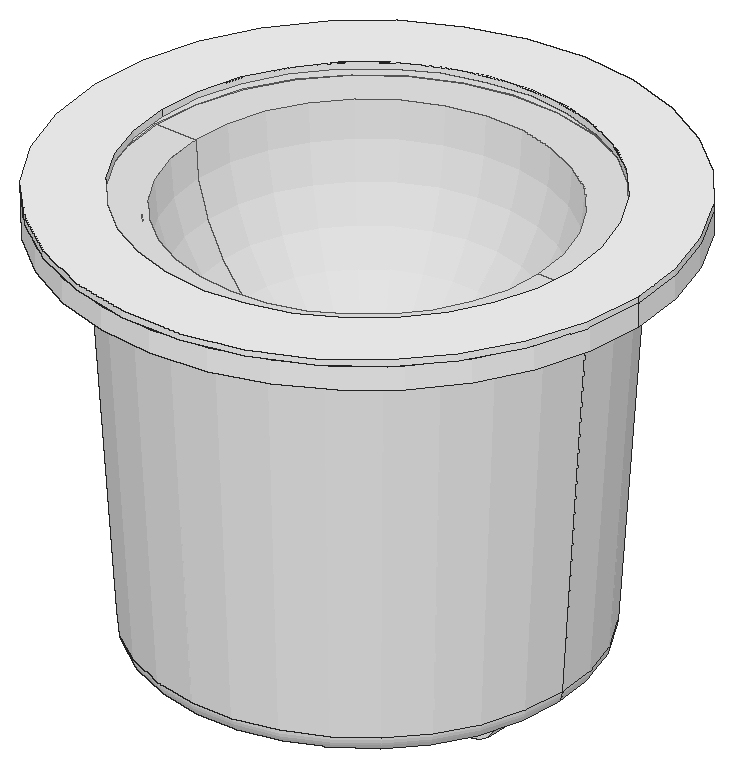
Revit family "2059246", category Lighting Fixtures, host Face, Revit 2018
Family settings
  Host = Face
  Round Connector Dimension = Use Diameter
  Part Type = Normal
  OmniClass Number = 23.80.70.11.17
  OmniClass Title = Specialized Lighting by Location or Use
  Cut with Voids When Loaded = No
  Light Source = Yes
  Shared = No
  Room Calculation Point = No
Parameters (values of type "2059246 MYRIAD DECO IP65 SP 4K DALI SI WBEZ")
  Weight = "n/a"
  Wattage = 15 W
  WarrantyStartDate [instance] = "n/a"
  WarrantyGuarantorParts = "n/a"
  WarrantyDurationUnit = "n/a"
  WarrantyDurationParts = ""
  WarrantyDescription = "http://www.sylvania-lighting.com"
  built-in parameter 1150110 = 1 (stored number, unit not read)
  Voltage = 230 V
  URL = "0"
  TypeName = "MYRIAD DECO IP65 SPOT 4000K DALI SILVER WBEZ"
  Type Image = 0
  Type Comments = ""
  built-in parameter 1114217 = 1 (stored number, unit not read)
  Tilt Angle = -90°
  built-in parameter 1150109 = 1 (stored number, unit not read)
  built-in parameter 1150134 = (empty or 0)
  built-in parameter 1150113 = 1 (stored number, unit not read)
  SerialNumber [instance] = "n/a"
  Reflector Radius = Cutout Diameter / 2 - 2.5 mm  # 35.0 mm
  Reflector Material = Aluminum_Sylvania_Myriad_Bright
  Recessed Depth = Height  # 72.0 mm
  PowerFactor = 0
  PowerConsumption = "Lighting"
  Photometric Web File = "2059246.ies"
  NominalWidth = 0.0 mm
  NominalLength = 76.0 mm
  NominalHeight = 72.0 mm
  Name = "MYRIAD DECO IP65 SPOT 4000K DALI SILVER WBEZ"
  ModelReference = "MYRIAD DECO IP65 SPOT 4000K DALI SILVER WBEZ"
  ModelNumber = "2059246"
  Material = "Feilo Sylvania"
  ManufacturerName = "113 lm/W"
  LuminousEfficacy = ""
  LuminaireType = "0"
  LightOutputRatio = "LED"
  LampsType = Lamp  # "n/a"
  LampNominalLuminous = "4000 K"
  LampMacAdamStep = "90"
  LampColourTemperature = "LED"
  LampColourRenderingIndex = "16500"
  Keynote = "n/a"
  Keynote_2 = "16500"
  InstallationDate [instance] = "n/a"
  InputVoltage = "0"
  InputNominalFrequency = "4000"
  IngressProtection = "IfcLightFixtureType"
  ImpactProtectionIndex = "IfcLightFixtureType"
  IfcExportType = "IfcLightFixtureType"
  IfcExportAs = "Class II"
  Height = 72.0 mm  # constant formula
  ExpectedLife = 50000
  Emit from Circle Diameter = Accessory Inner Diameter 2  # 68.0 mm
  Emit Shape Visible in Rendering = no
  ElectricShockClassification = "113"
  DurationUnit = "hours"
  DocumentationLiterature = "http://www.sylvania-lighting.com/product/en-int/products/2059246"
  DimmingControlOptions = "n/a"
  Diffuser Material = Glass_Sylvania_Myriad_Clear_4000K
  Diffuser Diameter = Cutout Diameter  # 75.0 mm
  Cutout Diameter = 75.0 mm  # constant formula
  CreatedOn = "03/02/2022"
  CreatedBy = "@sylvania-lighting.com"
  built-in parameter 1001205 = 0
  Cost = 0
  built-in parameter 1114216 [instance] = 1 (stored number, unit not read)
  Model = "MYRIAD DECO IP65 SPOT 4000K DALI SILVER WBEZ"
  Manufacturer = "Feilo Sylvania"  # constant formula
  built-in parameter 1150105 = 83.556 (stored number, unit not read)
  Lumens = 1050 lm
  built-in parameter 1150115 = 1 (stored number, unit not read)
  built-in parameter 1150137 = (empty or 0)
  built-in parameter 1150139 = (empty or 0)
  built-in parameter 1150112 = 1 (stored number, unit not read)
  built-in parameter 1150114 = 1 (stored number, unit not read)
  Lamp = "n/a"
  built-in parameter 1150132 = (empty or 0)
  built-in parameter 1150102 = (empty or 0)
  built-in parameter 1150107 = 2700 (stored number, unit not read)
  built-in parameter 1150138 = (empty or 0)
  built-in parameter 1150106 = 0.83556 (stored number, unit not read)
  built-in parameter 1150104 = 6.5032 (stored number, unit not read)
  Dimming Lamp Color Temperature Shift = <None>
  Description = "Supplied complete with electronic control gear Compact Fluorescent low energy downlight Emergency version passes through the cut out Ideal for low level orientation lighting New range of Architectural accessories each providing a different lit dimension New completely flush plaster up accessory ring for clean ceiling lines and smooth finish Order lamp separately"  # constant formula
  Default Elevation = 0.0 mm
  Color Filter = 16777215
  built-in parameter 1140040 [instance] = 1
  Body Radius = Reflector Radius + 1.5 mm  # 36.5 mm
  Body Material = Aluminum_Sylvania_Myriad_Gray
  BarCode [instance] = "n/a"
  built-in parameter 1114218 = 1 (stored number, unit not read)
  built-in parameter 1150133 = 10 (stored number, unit not read)
  AssetType = "Fixed"
  AssetIdentifier [instance] = "n/a"
  Assembly Code = "D5020200"
  Apparent Load = 10 VA
  Accessory Material = Aluminum_Sylvania_Myriad_White
  Accessory Inner Diameter 2 = Accessory Diameter - 22.0 mm  # 68.0 mm
  Accessory Inner Diameter 1 = Accessory Diameter - 2.0 mm  # 88.0 mm
  Accessory Diameter = Cutout Diameter + 15.0 mm  # 90.0 mm
Reference planes
  plane 1 "Center (Front/Back)": y = 0
  plane 2: z = 0
  plane 3 "Center (Left/Right)": x = 0
  plane 4: z = 2
  plane 5 "Fixture Bottom": z = 4.5
  plane 6: z = -28.5
  plane 7: z = -61.5
  plane 8 "Fixture Top": z = -67.5
  plane 9: z = 3.5
Forms (mm)
  Revolve 1, solid, material "Aluminum_Sylvania_Myriad_Bright" <- "Reflector Material", detail levels fine
    sketch origin (0, 0, 0) x (1, 0, 0) y (0, 0, 1)
      loop
        line (0, -27.515) -> (-6, -27.515)
        arc (-6, -27.515) -> (-22.333, -16.632) -> (-28.5, 2) r 30.135
        line (-28.5, 2) -> (-35, 2) -> (-35, 0) -> (-29.184, 0)
        arc (-29.184, 0) -> (-22.423, -18.18) -> (-6, -28.5) r 30.204
        line (-6, -28.5) -> (0, -28.5) -> (0, -27.515)
      axis (0, -28.5) -> (0, 2)
    angle from 0 to 360
  Revolve 2, solid, material "Aluminum_Sylvania_Myriad_Gray" <- "Body Material", detail levels fine
    sketch origin (0, 0, 0) x (1, 0, 0) y (0, 0, 1)
      loop
        line (-44, 2) -> (-44, 0) -> (-36.5, 0) -> (-32.42, -58.708)
        arc (-32.42, -58.708) -> (-31.474, -60.694) -> (-29.428, -61.5) r 3
        line (-29.428, -61.5) -> (0, -61.5) -> (0, -28.5) -> (-6, -28.5)
        arc (-6, -28.5) -> (-22.423, -18.18) -> (-29.184, 0) r 30.204
        line (-29.184, 0) -> (-35, 0) -> (-35, 2) -> (-44, 2)
      axis (0, 2) -> (0, -61.5)
    angle from 0 to 360
  Extrusion 3, solid, material "Aluminum_Sylvania_Myriad_Gray" <- "Body Material", detail levels fine
    sketch origin (0, 0, 0) x (1, 0, 0) y (0, 0, 1)
      loop
        line (-13.5, -67.5) -> (21, -67.5)
        arc (21, -67.5) -> (23.828, -66.328) -> (25, -63.5) r 4
        line (25, -63.5) -> (25, -61.5) -> (-17.5, -61.5) -> (-17.5, -63.5)
        arc (-17.5, -63.5) -> (-16.328, -66.328) -> (-13.5, -67.5) r 4
    from -4.5 to 4.5
  Extrusion 4, solid, material "Aluminum_Sylvania_Myriad_White" <- "Accessory Material", detail levels fine
    sketch origin (0, 0, 0) x (1, 0, 0) y (0, 1, 0)
      loop
        circle (0, 0) r 45
      loop
        circle (0, 0) r 44
    from 0 to 3.5
  Extrusion 5, solid, material "Aluminum_Sylvania_Myriad_White" <- "Accessory Material", detail levels fine
    sketch origin (0, 0, 0) x (1, 0, 0) y (0, 1, 0)
      loop
        circle (0, 0) r 45
      loop
        circle (0, 0) r 34
    from 3.5 to 4.5
  Extrusion 6, solid, material "Aluminum_Sylvania_Myriad_White" <- "Accessory Material", detail levels coarse+medium
    sketch origin (0, 0, 0) x (1, 0, 0) y (0, 1, 0)
      loop
        circle (0, 0) r 45
    from 0 to 4.5
  Revolve 7, solid, detail levels coarse+medium
    sketch origin (0, 0, 0) x (1, 0, 0) y (0, 0, 1)
      loop
        line (36.5, 0) -> (0, 0) -> (0, -61.5) -> (32.226, -61.5) -> (36.5, 0)
      axis (0, 0) -> (0, -61.5)
    angle from 0 to 360
  Extrusion 8, void
    sketch origin (0, 0, 0) x (1, 0, 0) y (0, 1, 0)
      loop
        circle (0, 0) r 37.5
    from -67.5 to 0
  Extrusion 9, solid, material "Glass_Sylvania_Myriad_Clear_4000K" <- "Diffuser Material", detail levels fine
    sketch origin (0, 0, 0) x (1, 0, 0) y (0, 1, 0)
      loop
        circle (0, 0) r 37.5
    from 2 to 3.5
Cuts and joins
  joined: Extrusion 4, Extrusion 5
Lines and regions (mm)
  Masking region 1
    outline origin (0, 0, 0) x (1, 0, 0) y (0, 1, 0)
      loop
        circle (0, 0) r 45
  symbolic lines
    curve 1: arc (-34, 0, 0) -> (0, 34, 0) -> (34, 0, 0) r 34
    curve 2: arc (34, 0, 0) -> (0, -34, 0) -> (-34, 0, 0) r 34
Dimensions and locks
  locked: plane 7 to plane 8 "Fixture Top" at 6
  "Body Radius": Revolve 7 sketch curve to plane 3 "Center (Left/Right)"
  locked: Revolve 7 sketch curve to Revolve 7 sketch curve at 4.274
  plane 5 "Fixture Bottom" to plane 9 to plane 4 to plane 2 to plane 6 = 1.0 mm locked, 1.5 mm locked, 2.0 mm locked, 28.5 mm locked
  "Reflector Radius": Revolve 1 sketch curve to plane 3 "Center (Left/Right)"
  Revolve 1 sketch curve to Revolve 1 sketch curve to Revolve 1 sketch curve to Revolve 1 sketch curve = 6.5 mm locked, 22.5 mm locked, 0.0 mm locked
  "Reflector Radius": plane 3 "Center (Left/Right)" to Revolve 2 sketch curve
  Revolve 2 sketch curve to Revolve 2 sketch curve to Revolve 2 sketch curve = 7.5 mm locked, 1.5 mm locked
  Revolve 2 sketch curve to Revolve 2 sketch curve to Revolve 2 sketch curve = 5.816 mm locked, 23.184 mm locked
  Revolve 2 sketch curve to Revolve 2 sketch curve to Revolve 2 sketch curve = 2.58 mm locked, 2.993 mm locked
  "Accessory Diameter": diameter of Extrusion 4 sketch curve
  "Accessory Inner Diameter 1": diameter of Extrusion 4 sketch curve
  "Accessory Diameter": diameter of Extrusion 5 sketch curve
  "Accessory Diameter": diameter of Extrusion 6 sketch curve
  "Cutout Diameter": diameter of Extrusion 8 sketch curve
  "Accessory Inner Diameter 2": diameter of Extrusion 5 sketch curve
  "Diffuser Diameter": diameter of Extrusion 9 sketch curve
  aligned and locked: plane 2 to host face
  aligned and locked: level to host face
  aligned and locked: plane 1 "Center (Front/Back)" to imposter light
  aligned and locked: plane 3 "Center (Left/Right)" to imposter light
  aligned and locked: Revolve 1 sketch curve to imposter light
  aligned and locked: Extrusion 3 sketch curve to plane 8 "Fixture Top"
  aligned and locked: plane 7 to Extrusion 3 sketch curve
  aligned and locked: Extrusion 4 to plane 2
  aligned and locked: plane 9 to Extrusion 4
  aligned and locked: Extrusion 5 to plane 9
  aligned and locked: plane 5 "Fixture Bottom" to Extrusion 5
  aligned and locked: Extrusion 6 to plane 2
  aligned and locked: plane 5 "Fixture Bottom" to Extrusion 6
  aligned and locked: Extrusion 8 to plane 8 "Fixture Top"
  aligned and locked: plane 2 to Extrusion 8
  aligned and locked: Masking region 1 sketch curve to Extrusion 6  (x2)
  aligned and locked: Extrusion 9 to plane 4
  aligned and locked: plane 9 to Extrusion 9
  aligned and locked: plane 4 to Revolve 2 sketch curve
  aligned and locked: Revolve 2 sketch curve to plane 2
  aligned and locked: curve 1 to cut or joined group of Extrusion 4, Extrusion 5
  aligned and locked: curve 2 to cut or joined group of Extrusion 4, Extrusion 5
  aligned and locked: imposter light to plane 5 "Fixture Bottom"
Automatic sketch dimensions
  host sketch curve to host sketch curve = 1305.563 mm
  host sketch curve to host sketch curve = 1283.632 mm
  Extrusion 3 sketch curve to plane 7 = 2.0 mm
  Extrusion 3 sketch curve to plane 3 "Center (Left/Right)" = 13.5 mm
  plane 3 "Center (Left/Right)" to Extrusion 3 sketch curve = 21.0 mm
  Extrusion 3 sketch curve to Extrusion 3 sketch curve = 4.0 mm
  Revolve 1 sketch curve to level = 0.0 mm
  Revolve 1 sketch curve to plane 3 "Center (Left/Right)" = 0.0 mm
  Revolve 1 sketch curve to plane 6 = 0.0 mm
  Revolve 1 sketch curve to plane 4 = 0.0 mm
  Revolve 1 sketch curve to Revolve 1 sketch curve = 0.684 mm
  level to Revolve 1 sketch curve = 0.88 mm
  Revolve 1 sketch curve to plane 4 = 0.363 mm
  Revolve 1 sketch curve to Revolve 1 sketch curve = 0.625 mm
  Revolve 1 sketch curve to plane 8 "Fixture Top" = 232.8 mm
  plane 5 "Fixture Bottom" to Revolve 1 sketch curve = 291.243 mm
  Revolve 2 sketch curve to plane 3 "Center (Left/Right)" = 0.0 mm  (x2)
  Revolve 2 sketch curve to plane 7 = 0.0 mm
  Revolve 2 sketch curve to plane 6 = 0.0 mm
  Revolve 2 sketch curve to level = 0.0 mm
  level to Revolve 2 sketch curve = 0.88 mm
  plane 7 to Revolve 2 sketch curve = 2.792 mm
  Revolve 2 sketch curve to plane 8 "Fixture Top" = 304.774 mm
  plane 5 "Fixture Bottom" to Revolve 2 sketch curve = 1137.105 mm
  Extrusion 4 sketch curve to Extrusion 4 sketch curve = 0.0 mm  (x2)
  plane 1 "Center (Front/Back)" to Extrusion 4 sketch curve = 0.0 mm
  Extrusion 4 sketch curve to plane 3 "Center (Left/Right)" = 0.0 mm
  Extrusion 5 sketch curve to Extrusion 5 sketch curve = 0.0 mm  (x2)
  plane 1 "Center (Front/Back)" to Extrusion 5 sketch curve = 0.0 mm
  Extrusion 5 sketch curve to plane 3 "Center (Left/Right)" = 0.0 mm
  plane 1 "Center (Front/Back)" to Extrusion 6 sketch curve = 0.0 mm
  Extrusion 6 sketch curve to plane 3 "Center (Left/Right)" = 0.0 mm
  Revolve 7 sketch curve to level = 0.0 mm
  Revolve 7 sketch curve to plane 3 "Center (Left/Right)" = 0.0 mm  (x2)
  Revolve 7 sketch curve to plane 7 = 0.0 mm
  Revolve 7 sketch curve to plane 8 "Fixture Top" = 304.774 mm
  plane 5 "Fixture Bottom" to Revolve 7 sketch curve = 43.226 mm
  plane 1 "Center (Front/Back)" to Extrusion 8 sketch curve = 0.0 mm
  Extrusion 8 sketch curve to plane 3 "Center (Left/Right)" = 0.0 mm
  plane 1 "Center (Front/Back)" to Extrusion 9 sketch curve = 0.0 mm
  Extrusion 9 sketch curve to plane 3 "Center (Left/Right)" = 0.0 mm
Connectors
  electrical at (-0.006, -0.019, -67.5), driven by "Apparent Load", driven by "Apparent Load"
    settings: on plane 8 "Fixture Top", index 1, voltage 230 V, apparent load 10 VA, apparent load phase1 10 VA, apparent load phase2 0 VA, apparent load phase3 0 VA, power factor 1, load classification "Lighting", number of poles 1, system type 30, power factor state 1, is connector primary yes, connector utility no, sub classification motor no, connector description ""
